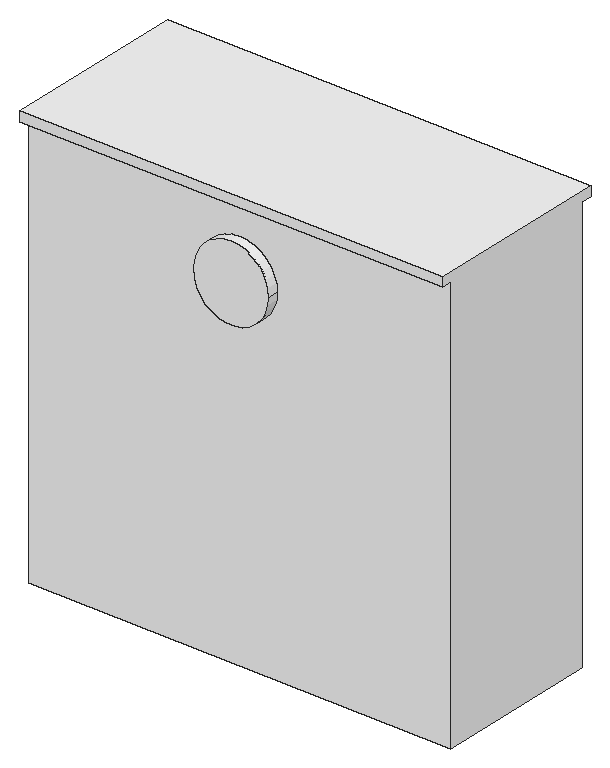
Revit family "Plumbing Fixture-Grease_Interseptor_Mifab_MI-SOLID -TA", category Plumbing Fixtures, host Face, Revit 2013
Parameters (values of type "MI-SOLID-TA-8")
  WFU = 0
  URL = "www.mifab.com"
  Standard Inlet And Outlet Radii = Pipe Size / 2  # 2"
  Pipe Size = 4"
  Model = "MI-SOLID-TA-8"
  Manufacturer = "MIFAB"
  Interceptor Material = Acid Resistant Epoxy Coated Black
  I = B + 1 1/8"  # 23 5/8"
  H = 9 7/8"
  Grease Capacity = "110 lbs"
  Flow Rate = "75 GPM"
  Description = "Top Access Solids Interceptor"
  Default Elevation = 0"
  D = 18 1/2"
  B = 22 1/2"
  Assembly Code = "D2090300"
  A = 22 3/4"
Types (10): name | Standard Inlet And Outlet Radii | Pipe Size | Model | I | Grease Capacity | Flow Rate | D | B | A
  (no name) | 2" | 4" | "MI-SOLID-TA-8" | 23 5/8" | "110 lbs" | "75 GPM" | 18 1/2" | 22 1/2" | 22 3/4"
  MI-SOLID-TA-0 | 1" | 2" | "MI-SOLID-TA-0" | 11" | "23 lbs" | "4 GPM" | 7 1/4" | 9 7/8" | 10"
  MI-SOLID-TA-1 | 1" | 2" | "MI-SOLID-TA-1" | 13" | "30 lbs" | "7 GPM" | 8 1/8" | 11 7/8" | 11 1/8"
  MI-SOLID-TA-2 | 1 1/2" | 3" | "MI-SOLID-TA-2" | 15 1/8" | "40 lbs" | "10 GPM" | 8 1/4" | 14" | 11 3/4"
  MI-SOLID-TA-3 | 1 1/2" | 3" | "MI-SOLID-TA-3" | 17 7/8" | "50 lbs" | "15 GPM" | 9 3/8" | 16 3/4" | 13 3/8"
  MI-SOLID-TA-4 | 1 1/2" | 3" | "MI-SOLID-TA-4" | 18 3/8" | "60 lbs" | "20 GPM" | 11 3/4" | 17 1/4" | 15"
  MI-SOLID-TA-5 | 2" | 4" | "MI-SOLID-TA-5" | 21" | "80 lbs" | "25 GPM" | 12 7/16" | 19 7/8" | 17"
  MI-SOLID-TA-6 | 2" | 4" | "MI-SOLID-TA-6" | 23 5/8" | "90 lbs" | "35 GPM" | 14 3/16" | 22 1/2" | 18 3/4"
  MI-SOLID-TA-7 | 2" | 4" | "MI-SOLID-TA-7" | 23 5/8" | "100 lbs" | "50 GPM" | 16" | 22 1/2" | 21 1/2"
  MI-SOLID-TA-8 | 2" | 4" | "MI-SOLID-TA-8" | 23 5/8" | "110 lbs" | "75 GPM" | 18 1/2" | 22 1/2" | 22 3/4"
Reference planes (in)
  plane 1 "Center (Front/Back)": y = 0
  plane 2: z = 0
  plane 3 "Center (Left/Right)": x = 0
  plane 4: x = -4.9375
  plane 5: y = -4.9375
  plane 6: y = 4.9375
  plane 7: x = 4.9375
  plane 8: z = -4.25
  plane 9: z = -22.75
  plane 10: z = -0.1345
Forms (in)
  Extrusion 1, solid, material "Acid Resistant Epoxy Coated Black" <- "Interceptor Material"
    sketch origin (0, 0, 0) x (1, 0, 0) y (0, 1, 0)
      loop
        line (-11.25, 4.9375) -> (-11.25, -4.9375) -> (11.25, -4.9375) -> (11.25, 4.9375) -> (-11.25, 4.9375)
    from 0 to -0.5
  Extrusion 2, solid, material "Acid Resistant Epoxy Coated Black" <- "Interceptor Material"
    sketch origin (0, 0, 0) x (1, 0, 0) y (0, 1, 0)
      loop
        line (-11.25, 4.375) -> (-11.25, -4.375) -> (11.25, -4.375) -> (11.25, 4.375) -> (-11.25, 4.375)
    from 0 to -22.75
  Extrusion 3, solid, material "Acid Resistant Epoxy Coated Black" <- "Interceptor Material"
    sketch origin (0, 0, 0) x (1, 0, 0) y (0, 0, 1)
      loop
        circle (0, -4.25) r 2
    from -4.9375 to 4.9375
Cuts and joins
  joined: Extrusion 1, Extrusion 2, Extrusion 3
Lines and regions (in)
  symbolic lines
    curve 1: line (-4.9375, 4.9375, 0) -> (4.9375, 4.9375, 0)
    curve 2: line (-4.9375, -4.9375, 0) -> (-4.9375, 4.9375, 0)
    curve 3: line (4.9375, -4.9375, 0) -> (-4.9375, -4.9375, 0)
    curve 4: line (4.9375, 4.9375, 0) -> (4.9375, -4.9375, 0)
Dimensions and locks (in)
  equal spacing: plane 4, plane 3 "Center (Left/Right)", plane 7
  equal spacing: plane 6, plane 1 "Center (Front/Back)", plane 5
  "D": plane 8 to plane 9
  equal spacing: Extrusion 2 sketch curve, plane 3 "Center (Left/Right)", Extrusion 2 sketch curve
  locked: host face to plane 10 at 0.1345
  "A": host face to plane 9
  "B": Extrusion 2 sketch curve to Extrusion 2 sketch curve
  "H": plane 6 to plane 5
  Extrusion 2 sketch curve to Extrusion 2 sketch curve = 8 3/4"
  equal spacing: Extrusion 2 sketch curve, plane 1 "Center (Front/Back)", Extrusion 2 sketch curve
  "Pipe Size": diameter of Extrusion 3 sketch curve
  aligned and locked: plane 2 to host face
  aligned and locked: level to host face
  aligned and locked: Extrusion 2 to plane 9
  aligned and locked: Extrusion 3 to plane 5
  aligned and locked: plane 6 to Extrusion 3
  aligned and locked: Extrusion 3 to cut or joined group of Extrusion 1, Extrusion 2, Extrusion 3
  aligned and locked: curve 1 to plane 6
  aligned and locked: plane 4 to curve 2
  aligned and locked: plane 5 to curve 3
  aligned and locked: curve 4 to plane 7
  aligned and locked: Extrusion 2 to Extrusion 1
  aligned and locked: Extrusion 1 to Extrusion 2
Automatic sketch dimensions
  host sketch curve to host sketch curve = 43.8426"
  host sketch curve to host sketch curve = 41.76805"
  Extrusion 3 sketch curve to plane 3 "Center (Left/Right)" = 0"
  Extrusion 3 sketch curve to plane 8 = 0"
  Extrusion 1 sketch curve to plane 4 = 6 5/16"
  Extrusion 1 sketch curve to plane 6 = 0"
  plane 7 to Extrusion 1 sketch curve = 6 5/16"
  Extrusion 1 sketch curve to plane 5 = 0"
Connectors (in)
  piping at (0, 4.9375, -4.25), driven by "Standard Inlet And Outlet Radii"
    settings: on cut or joined group of Extrusion 1, Extrusion 2, Extrusion 3, index 1, connector radius 2", flow factor 0, pipe flow 0 GPM, pressure drop 0.00 psi, fitting loss kfactor 0, connector angle 0.00°, fixture units 0, engagement length 0", flow configuration 0, flow direction 1, fitting loss method 0, system type 16, joint type 0, gender type 0, connector reference index -1, connector utility 0, adjustable connector no, is connector primary yes, fitting loss table "", connector description "In"
  piping at (0, -4.9375, -4.25), driven by "Standard Inlet And Outlet Radii"
    settings: on cut or joined group of Extrusion 1, Extrusion 2, Extrusion 3, index 2, connector radius 2", flow factor 0, pipe flow 0 GPM, pressure drop 0.00 psi, fitting loss kfactor 0, connector angle 0.00°, fixture units 0, engagement length 0", flow configuration 0, flow direction 2, fitting loss method 0, system type 16, joint type 0, gender type 0, connector reference index -1, connector utility 0, adjustable connector no, is connector primary no, fitting loss table "", connector description "Out"
